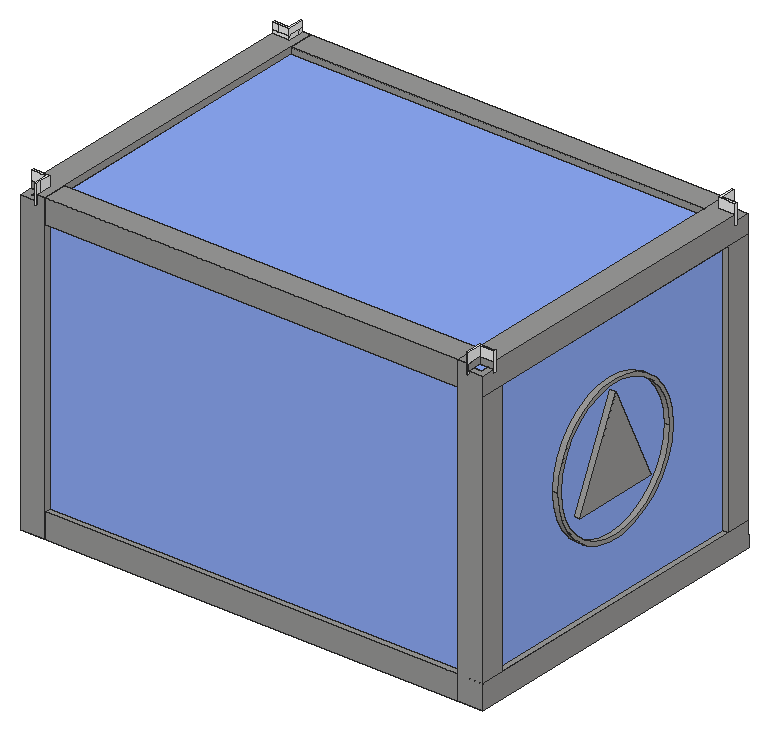
Revit family "2.1 Вентиляторы UTR V2.REZ", category Оборудование, Revit 2016
Family settings
  Тип детали = Нормальный
  Размер круглого соединителя = Использовать диаметр
  На основе рабочей плоскости = Нет
  Всегда вертикально = Да
  При загрузке вырезать с полостями = Нет
  Общий = Нет
  Точка расчета площади = Нет
Parameters (values of type "50-25/22")
  значок [instance] = yes
  высота = 250 mm
  размер В = 635 mm
  ширина = 500 mm
  Синий = Синий
  Д1 = Д - 20 mm  # 490 mm
  Д = 510 mm
  ножки(да/нет) [instance] = no
  Г = 395 mm
  Б1 = Б - 20 mm  # 450 mm
  А1 = А - 20 mm  # 690 mm
  А = 710 mm
  высота ножек = 50 mm
  Б = 470 mm
  Частотный преобразователь [instance] = yes
  Частота вращения n, об/мин = "2730"
  Тип, марка, обозначение = "UTR 50-25V2.REZ. 22-0,37x27(R)"
  Сила тока J, А = "1,66/0,96"
  Регулятор расхода [instance] = no
  Раздел = "ОВ"
  Примечание = ""
  Позиция = ""
  Напряжение U,В = "3х220/3х380"
  Наименование и тех.хар-ка = "Радиальный вентилятор с назад загнутыми лопатками и резервным электродвигателем выхлоп вверх"  # constant formula
  Мощность двигателя N,Вт = "370"
  Материал = RAL 0000 Серый металл
  Масса единицы = "51.5"
  Код, оборудования = ""
  Ключевая пометка = "Вентиляция"
  Задание электрикам [instance] = no
  Задание автоматчикам [instance] = no
  Завод изготовитель = "KORF"  # constant formula
  Единица измерения = "шт."  # constant formula
  h = высота ножек + 10 mm  # 60 mm
Types (23, lengths in mm): name | высота | размер В | ширина | Д1 | Д | Г | Б1 | А1 | А | Б | Частота вращения n, об/мин | Тип, марка, обозначение | Сила тока J, А | Напряжение U,В | Мощность двигателя N,Вт | Материал | Масса единицы
  50-25/22 | 250 | 635 | 500 | 490 | 510 | 395 | 450 | 690 | 710 | 470 | "2730" | "UTR 50-25V2.REZ. 22-0,37x27(R)" | "1,66/0,96" | "3х220/3х380" | "370" | RAL 0000 Серый металл | "51.5"
  50-25/25 | 250 | 635 | 500 | 490 | 510 | 395 | 450 | 690 | 710 | 470 | "2730" | "UTR 50-25V2.REZ. 25-0,55x27(R)" | "2,47/1,43" | "3х220/3х380" | "550" | Сталь серая | "54.5"
  50-30/25 | 300 | 635 | 500 | 490 | 510 | 445 | 500 | 690 | 710 | 520 | "2730" | "UTR 50-30V2.REZ. 25-0,55x27(R)" | "2,47/1,43" | "3х220/3х380" | "550" | Сталь серая | "56.5"
  50-30/28 | 300 | 635 | 500 | 690 | 710 | 445 | 500 | 690 | 710 | 520 | "2800" | "UTR 50-30V2.REZ. 28-1,1x28(R)" | "4,4/2,52" | "3х220/3х380" | "1100" | Сталь серая | "67.5"
  50-30/31 | 300 | 635 | 500 | 690 | 710 | 445 | 500 | 690 | 710 | 520 | "2800" | "UTR 50-30V2.REZ. 31-1,1x28(R)" | "4,4/2,52" | "3х220/3х380" | "1100" | Сталь серая | "67.5"
  60-30/28 | 300 | 735 | 600 | 690 | 710 | 445 | 500 | 790 | 810 | 520 | "2800" | "UTR 60-30V2.REZ. 28-1,1x28(R)" | "4,4/2,52" | "3х220/3х380" | "1100" | Сталь серая | "71"
  60-30/31 | 300 | 735 | 600 | 690 | 710 | 445 | 500 | 790 | 810 | 520 | "2800" | "UTR 60-30V2.REZ. 31-1,1x28(R)" | "4,4/2,52" | "3х220/3х380" | "1100" | Сталь серая | "71"
  60-35/31 | 350 | 735 | 600 | 590 | 610 | 495 | 550 | 790 | 810 | 570 | "2800" | "UTR 60-35V2.REZ. 31-1,1x28(R)" | "4,4/2,52" | "3х220/3х380" | "1100" | Сталь серая | "73"
  60-35/31-1,5 | 350 | 735 | 600 | 590 | 610 | 495 | 550 | 790 | 810 | 570 | "2880" | "UTR 60-35V2.REZ. 31-1,5x28(R)" | "5,6/3,3" | "3х220/3х380" | "1500" | Сталь серая | "81.5"
  60-35/35 | 350 | 735 | 600 | 590 | 610 | 495 | 550 | 790 | 810 | 570 | "2860" | "UTR 60-35V2.REZ. 35-2,2x28(R)" | "8,0/4,6" | "3х220/3х380" | "2200" | Сталь серая | "81"
  70-40/31 | 400 | 835 | 700 | 590 | 610 | 545 | 600 | 890 | 910 | 620 | "2800" | "UTR 70-40V2.REZ. 31-1,1x28(R)" | "4,4/2,52" | "3х220/3х380" | "1100" | Сталь серая | "79"
  70-40/31-2,2 | 400 | 835 | 700 | 690 | 710 | 545 | 600 | 890 | 910 | 620 | "2860" | "UTR 70-40V2.REZ. 31-2,2x28(R)" | "8,0/4,6" | "3х220/3х380" | "2200" | Сталь серая | "96"
  70-40/35 | 400 | 835 | 700 | 690 | 710 | 545 | 600 | 890 | 910 | 620 | "2860" | "UTR 70-40V2.REZ. 35-2,2x28(R)" | "8,0/4,6" | "3х220/3х380" | "2200" | Сталь серая | "96"
  80-50/35 | 500 | 935 | 800 | 690 | 710 | 645 | 700 | 990 | 1010 | 720 | "2860" | "UTR 80-50V2.REZ. 35-2,2x28(R)" | "8,0/4,6" | "3х220/3х380" | "2200" | Сталь серая | "105"
  80-50/35-3,0 | 500 | 935 | 800 | 690 | 710 | 645 | 700 | 990 | 1010 | 720 | "2860" | "UTR 80-50V2.REZ. 35-3,0x28(R)" | "10,5/6,0" | "3х220/3х380" | "3000" | Сталь серая | "113.5"
  80-50/40 | 500 | 935 | 800 | 820 | 840 | 645 | 700 | 990 | 1010 | 720 | "2850" | "UTR 80-50V2.REZ. 40-4,0x28(R)" | "8,0/4,6" | "3х380/3х660" | "4000" | Сталь серая | "139"
  90-50/35 | 500 | 1050 | 900 | 710 | 730 | 665 | 720 | 1105 | 1125 | 740 | "2860" | "UTR 90-50V2.REZ. 35-3,0x28(R)" | "10,5/6,0" | "3х220/3х380" | "3000" | Сталь серая | "121.5"
  90-50/40 | 500 | 1050 | 900 | 820 | 840 | 665 | 720 | 1105 | 1125 | 740 | "2850" | "UTR 90-50V2.REZ. 40-4,0x28(R)" | "8,0/4,6" | "3х380/3х660" | "4000" | Сталь серая | "144.5"
  90-50/45 | 500 | 1050 | 900 | 820 | 840 | 665 | 720 | 1105 | 1125 | 740 | "1410" | "UTR 90-50V2.REZ. 45-3,0x14(R)" | "11,6/6,7" | "3х220/3х380" | "3000" | Сталь серая | "142.5"
  100-50/40 | 500 | 1150 | 1000 | 820 | 840 | 665 | 720 | 1205 | 1225 | 740 | "2850" | "UTR 100-50М2.REZ. 40-4,0x28(R)" | "8,0/4,6" | "3х380/3х660" | "4000" | Сталь серая | "146.5"
  100-50/45 | 500 | 1150 | 1000 | 820 | 840 | 665 | 720 | 1205 | 1225 | 740 | "1410" | "UTR 100-50V2.REZ. 45-3,0x14(R)" | "11,6/6,7" | "3х220/3х380" | "3000" | Сталь серая | "150.5"
  100-50/45-4,0 | 500 | 1150 | 1000 | 820 | 840 | 665 | 720 | 1205 | 1225 | 740 | "1410" | "UTR 100-50V2.REZ. 45-4,0x14(R)" | "8,5/4,9" | "3х380/3х660" | "4000" | Сталь серая | "161"
  100-50/45-5,5 | 500 | 1150 | 1000 | 820 | 840 | 665 | 720 | 1205 | 1225 | 740 | "1430" | "UTR 100-50V2.REZ. 45-5,5x14(R)" | "11,0/6,5" | "3х380/3х660" | "5500" | Сталь серая | "183"
Reference planes
  plane 1 "По центру (Вперед/Назад)": y = 0
  plane 2: z = 0
  plane 3 "По центру (Влево/Вправо)": x = 0
  plane 4: x = -345
  plane 5: x = 345
  plane 6: y = 245
  plane 7: y = -245
  plane 8: z = 510
  plane 9: z = 60
  plane 10: z = 535
Forms (mm)
  Extrusion 1, solid, material "Синий" <- "Синий", detail levels fine
    sketch origin (0, 0, 50) x (1, 0, 0) y (0, 1, 0)
      loop
        line (-345, 245) -> (-345, -245) -> (345, -245) -> (345, 245) -> (-345, 245)
    from 10 to 460
  Sweep 2, solid, material "RAL 0000 Серый металл" <- "Материал", detail levels fine
    path origin (345, 245, 50) x (0, -1, 0) y (0, 0, -1)
      loop
        line (0, -460) -> (490, -460) -> (490, -10) -> (0, -10) -> (0, -460)
    profile "Профиль уголок 10х10 : Профиль уголок 10х10" origin (345, 0, 510) x (0, 0, -1) y (1, 0, 0)
      loop
        line (0, -27.5) -> (0, 0) -> (27.5, 0) -> (27.5, 10) -> (-10, 10) -> (-10, -27.5) -> (0, -27.5)
  Sweep 3, solid, material "RAL 0000 Серый металл" <- "Материал", detail levels fine
    path origin (-345, -245, 50) x (0, 1, 0) y (0, 0, -1)
      loop
        line (0, -460) -> (490, -460) -> (490, -10) -> (0, -10) -> (0, -460)
    profile "Профиль уголок 10х10 : Профиль уголок 10х10" origin (-345, 0, 510) x (0, 0, -1) y (-1, 0, 0)
      loop
        line (0, -27.5) -> (0, 0) -> (27.5, 0) -> (27.5, 10) -> (-10, 10) -> (-10, -27.5) -> (0, -27.5)
  Extrusion 4, void, not visible, detail levels fine
    sketch origin (145, 144.929, 50) x (0, 1, 0) y (0, 0, -1)
      loop
        line (88.035, -475) -> (138.984, -475) -> (138.984, -450) -> (88.035, -450) -> (88.035, -475)
    from -47.452 to 12
  Extrusion 5, void, detail levels fine
    sketch origin (-345, -144.965, 60) x (0, -1, 0) y (0, 0, -1)
      loop
        line (88.035, -475) -> (138.984, -475) -> (138.984, -450) -> (88.035, -450) -> (88.035, -475)
    from -47.452 to 12
  Sweep 6, solid, material "RAL 0000 Серый металл" <- "Материал", detail levels fine
    path origin (0, 0, 510) x (1, 0, 0) y (0, 1, 0)
      loop
        line (-345, -245) -> (345, -245) -> (345, 245) -> (-345, 245) -> (-345, -245)
    profile "Профиль уголок 10х10 : Профиль уголок 10х10" origin (0, -245, 510) x (0, 1, 0) y (0, 0, 1)
      loop
        line (0, -27.5) -> (0, 0) -> (27.5, 0) -> (27.5, 10) -> (-10, 10) -> (-10, -27.5) -> (0, -27.5)
  Sweep 7, solid, material "RAL 0000 Серый металл" <- "Материал", detail levels fine
    path origin (0, 0, 60) x (1, 0, 0) y (0, 1, 0)
      loop
        line (345, -245) -> (345, 245) -> (-345, 245) -> (-345, -245) -> (345, -245)
    profile "Профиль уголок 10х10 : Профиль уголок 10х10" origin (0, -245, 60) x (0, -1, 0) y (0, 0, 1)
      loop
        line (0, 27.5) -> (0, 0) -> (-27.5, 0) -> (-27.5, -10) -> (10, -10) -> (10, 27.5) -> (0, 27.5)
  Extrusion 8, void, detail levels fine
    sketch origin (-244.965, 245, 60) x (-1, 0, 0) y (0, 0, -1)
      loop
        line (88.035, -475) -> (138.984, -475) -> (138.984, -450) -> (88.035, -450) -> (88.035, -475)
    from -47.452 to 12
  Extrusion 9, void, detail levels fine
    sketch origin (345, 144.965, 60) x (0, 1, 0) y (0, 0, -1)
      loop
        line (88.035, -475) -> (138.984, -475) -> (138.984, -450) -> (88.035, -450) -> (88.035, -475)
    from -47.452 to 12
  Extrusion 10, void, detail levels fine
    sketch origin (244.965, -245, 60) x (1, 0, 0) y (0, 0, -1)
      loop
        line (88.035, -475) -> (138.984, -475) -> (138.984, -450) -> (88.035, -450) -> (88.035, -475)
    from -47.452 to 12
  Extrusion 11, solid, material "RAL 0000 Серый металл" <- "Материал", visible <- "значок", detail levels fine
    sketch origin (0, 0, 0) x (0, 1, 0) y (0, 0, 1)
      loop
        circle (0, 285) r 110
      loop
        circle (0, 285) r 105
      loop
        line (0, 377.5) -> (-67.619, 232.491) -> (67.619, 232.491) -> (0, 377.5)
    from 345 to 355
Cuts and joins
  Extrusion 5, Extrusion 8, Extrusion 9, Extrusion 10 cuts Extrusion 1
  Extrusion 5, Extrusion 8, Extrusion 9 cuts Sweep 3
  Extrusion 5, Extrusion 8, Extrusion 9, Extrusion 10 cuts Sweep 6
  Extrusion 9, Extrusion 10 cuts Sweep 2
Dimensions and locks
  equal spacing: plane 6, plane 1 "По центру (Вперед/Назад)", plane 7
  "Д1": plane 6 to plane 7
  equal spacing: plane 4, plane 3 "По центру (Влево/Вправо)", plane 5
  "А1": plane 4 to plane 5
  "h": plane 9 to level
  "Б1": plane 8 to plane 9
  locked: plane 10 to plane 8 at 25
  Sweep 7 to level = 50 mm
  aligned and locked: level to plane 2
  aligned and locked: plane 6 to Extrusion 1
  aligned and locked: plane 5 to Extrusion 1
  aligned and locked: Extrusion 1 to plane 7
  aligned and locked: Extrusion 1 to plane 4
  aligned and locked: plane 8 to Extrusion 1
  aligned and locked: Extrusion 1 to plane 9
  aligned and locked: Sweep 2 sketch curve to Extrusion 1  (x2)
  aligned and locked: Sweep 3 sketch curve to Extrusion 1  (x2)
  aligned and locked: nested 1 to Sweep 3  (x2)
  aligned and locked: nested 2 to Sweep 2
  aligned and locked: Sweep 2 to nested 2
  aligned and locked: nested 4 to Sweep 2  (x2)
  aligned and locked: Sweep 3 to nested 3
  aligned and locked: nested 3 to Sweep 3
  aligned and locked: Extrusion 5 to nested 6
  aligned and locked: nested 6 to Extrusion 5
  aligned and locked: nested 6 to plane 10
  aligned and locked: nested 6 to cut or joined group of Extrusion 5, Sweep 6, Extrusion 8, Extrusion 9, Extrusion 10  (x2)
  aligned and locked: Extrusion 8 to nested 7  (x2)
  aligned and locked: nested 7 to cut or joined group of Extrusion 5, Sweep 6, Extrusion 8, Extrusion 9, Extrusion 10  (x2)
  aligned and locked: plane 10 to Extrusion 8
  aligned and locked: Extrusion 9 to nested 8  (x2)
  aligned and locked: nested 8 to Sweep 2  (x2)
  aligned and locked: nested 8 to plane 10
  aligned and locked: Extrusion 10 to nested 9  (x2)
  aligned and locked: nested 9 to cut or joined group of Extrusion 5, Sweep 6, Extrusion 8, Extrusion 9, Extrusion 10  (x2)
  aligned and locked: nested 9 to plane 10
  aligned and locked: nested 10 to plane 5
  aligned and locked: plane 7 to nested 10
  aligned and locked: nested 11 to plane 4
  aligned and locked: nested 11 to plane 9
  aligned and locked: cut or joined group of Sweep 2, Extrusion 9, Extrusion 10 to Extrusion 11
Automatic sketch dimensions
  Extrusion 4 sketch curve to Extrusion 4 sketch curve = 50.949 mm
  Extrusion 4 sketch curve to Extrusion 4 sketch curve = 25 mm
  Extrusion 5 sketch curve to Extrusion 5 sketch curve = 50.949 mm
  Extrusion 5 sketch curve to Extrusion 5 sketch curve = 25 mm
  Extrusion 1 sketch curve to plane 4 = 0 mm
  Extrusion 1 sketch curve to plane 5 = 0 mm
  Extrusion 1 sketch curve to plane 7 = 0 mm
  Extrusion 1 sketch curve to plane 6 = 0 mm
  Sweep 2 sketch curve to Extrusion 1 = 0 mm  (x2)
  Sweep 3 sketch curve to Extrusion 1 = 0 mm  (x2)
  Sweep 6 sketch curve to Extrusion 1 = 0 mm  (x3)
  Extrusion 1 to Sweep 6 sketch curve = 0 mm
  Sweep 7 sketch curve to Extrusion 1 = 0 mm  (x3)
  Extrusion 1 to Sweep 7 sketch curve = 0 mm
  Extrusion 8 sketch curve to Extrusion 8 sketch curve = 50.949 mm
  Extrusion 8 sketch curve to Extrusion 8 sketch curve = 25 mm
  Extrusion 9 sketch curve to Extrusion 9 sketch curve = 50.949 mm
  Extrusion 9 sketch curve to Extrusion 9 sketch curve = 25 mm
  Extrusion 10 sketch curve to Extrusion 10 sketch curve = 50.949 mm
  Extrusion 10 sketch curve to Extrusion 10 sketch curve = 25 mm
  Extrusion 11 sketch curve to Extrusion 11 sketch curve = 0 mm  (x2)
  Extrusion 11 sketch curve to plane 1 "По центру (Вперед/Назад)" = 0 mm  (x2)
  Extrusion 11 sketch curve to plane 8 = 225 mm
  Extrusion 11 sketch curve to Extrusion 11 sketch curve = 92.5 mm
  plane 1 "По центру (Вперед/Назад)" to Extrusion 11 sketch curve = 67.619 mm
  Extrusion 11 sketch curve to plane 1 "По центру (Вперед/Назад)" = 67.619 mm
  Extrusion 11 sketch curve to Extrusion 11 sketch curve = 52.509 mm
  radius of Extrusion 11 sketch curve = 110 mm
  radius of Extrusion 11 sketch curve = 105 mm
Nested families
  nested 1: "Ножка 50мм" at (-358, 258, 0), visible <- "ножки(да/нет)", type "Ножка 50мм", detail levels fine
  nested 2: "Ножка 50мм" at (358, 258, 0) x (-1, 0, 0) z (0, 0, 1), visible <- "ножки(да/нет)", type "Ножка 50мм", detail levels fine
  nested 3: "Ножка 50мм" at (-358, -258, 0), visible <- "ножки(да/нет)", type "Ножка 50мм", detail levels fine
  nested 4: "Ножка 50мм" at (358, -258, 0) x (-1, 0, 0) z (0, 0, 1), visible <- "ножки(да/нет)", type "Ножка 50мм", detail levels fine
  nested 5: "крепление 15мм" at (-330, 229.965, 495), type "крепление 15мм", not visible, detail levels fine
  nested 6: "крепление 15мм" at (-330, -230, 505), type "крепление 15мм", detail levels fine
  nested 7: "крепление 15мм" at (-330, 230, 505) x (0, -1, 0) z (0, 0, 1), type "крепление 15мм", detail levels fine
  nested 8: "крепление 15мм" at (330, 230, 505) x (-1, 0, 0) z (0, 0, 1), type "крепление 15мм", detail levels fine
  nested 9: "крепление 15мм" at (330, -230, 505) x (0, 1, 0) z (0, 0, 1), type "крепление 15мм", detail levels fine
  nested 10: "УГО вентилятор(план)" at (0, 0, 510), длина <- "Д1", Ширина <- "А1", type "УГО вентилятор", detail levels coarse
    with длина 490 mm, Ширина 690 mm
  nested 11: "УГО вентилятор (разрез выброс вверх)" at (0, 0, 60), высота <- "Б1", длина <- "А1", type "УГО вентилятор (разрез выброс вверх)", detail levels medium
    with длина 690 mm, высота 450 mm, Ширина 0 mm
Connectors
  hvac at (0, 0, 520), driven by "высота", driven by "ширина"
    settings: on Sweep 6, index 1, duct flow 0.0 L/s, flow factor 0, pres drop 0.0 Pa, loss coef 0, conn angle 0.00°, conn width 500 mm, conn height 250 mm, conn diameter 609.6 mm, duct sys type 28, conn prof type 1, flow config 0, flow direction 0, loss method 0, conn ref index 2, conn util no, is conn primary yes, conn desc ""
  hvac at (0, 245, 285), driven by "высота", driven by "ширина"
    settings: on cut or joined group of Extrusion 1, Extrusion 5, Extrusion 8, Extrusion 9, Extrusion 10, index 2, duct flow 0.0 L/s, flow factor 0, pres drop 0.0 Pa, loss coef 0, conn angle 0.00°, conn width 500 mm, conn height 250 mm, conn diameter 609.6 mm, duct sys type 28, conn prof type 1, flow config 0, flow direction 0, loss method 0, conn ref index 1, conn util no, is conn primary no, conn desc ""
Definition of nested family "Ножка 50мм"
  Parameters (values of type "Ножка 50мм")
    Материал ножек = none
  Reference planes
    plane 1 "По центру (Вперед/Назад)": y = 0
    plane 2: z = 0
    plane 3 "По центру (Влево/Вправо)": x = 0
  Forms (mm)
    Extrusion 1, solid, material <- "Материал ножек"
      sketch origin (0, 0, 0) x (1, 0, 0) y (0, 1, 0)
        loop
          line (0, 0) -> (0, -28) -> (3, -28) -> (3, -3) -> (28, -3) -> (28, 0) -> (0, 0)
      from 0 to 70
    Extrusion 2, solid, material <- "Материал ножек"
      sketch origin (0, 0, 0) x (1, 0, 0) y (0, 1, 0)
        loop
          line (0, 0) -> (0, -28.035) -> (28.021, -28.035) -> (28.021, 0) -> (0, 0)
      from 0 to 3
  Cuts and joins
    joined: Extrusion 1, Extrusion 2
  Dimensions and locks
    Extrusion 1 sketch curve to Extrusion 1 sketch curve = 3 mm  (x2)
    Extrusion 1 sketch curve to Extrusion 1 sketch curve = 28 mm  (x2)
    aligned and locked: level to plane 2
Definition of nested family "крепление 15мм"
  Parameters (values of type "крепление 15мм")
    Материал крепления = none
  Reference planes
    plane 1 "По центру (Вперед/Назад)": y = 0
    plane 2: z = 0
    plane 3 "По центру (Влево/Вправо)": x = 0
  Forms (mm)
    Extrusion 1, solid, material <- "Материал крепления"
      sketch origin (0, 0, 0) x (1, 0, 0) y (0, 1, 0)
        loop
          line (-25, 0) -> (0, 0) -> (0, 18.31) -> (0, 25) -> (-3, 25) -> (-3, 3) -> (-25, 3) -> (-25, 0)
      from 0 to 30
    Extrusion 2, void
      sketch origin (0, 0, 0) x (1, 0, 0) y (0, 1, 0)
        loop
          line (-3, 3) -> (-3, 54.96) -> (-58, 54.96) -> (-58, 3) -> (-3, 3)
      from 0 to 15
  Cuts and joins
    Extrusion 2 cuts Extrusion 1
  Dimensions and locks
    Extrusion 1 sketch curve to Extrusion 1 sketch curve = 3 mm  (x2)
    Extrusion 1 sketch curve to Extrusion 1 sketch curve to plane 3 "По центру (Влево/Вправо)" = 25 mm, 0 mm
    Extrusion 1 sketch curve to Extrusion 1 sketch curve = 25 mm
    aligned and locked: level to plane 2
Definition of nested family "УГО вентилятор(план)"
  Parameters (values of type "УГО вентилятор")
    длина [instance] = 750 mm
    Ширина [instance] = 410 mm
    Частота вращения n, об/мин = ""
    Тип, марка, обозначение = ""
    Сила тока J, А = ""
    Раздел = "ВПИСАТЬ РАЗДЕЛ"
    Примечание = ""
    Позиция = ""
    Default Elevation = 1219.2 mm
    Напряжение U,В = ""
    Наименование и тех.хар-ка = ""
    Мощность двигателя N,Вт = ""
    Материал = none
    Масса единицы = ""
    Код, оборудования = ""
    Keynote = "ВПИСАТЬ СПЕЦИАЛЬНОСТЬ"
    Завод изготовитель = ""
    Единица измерения = ""
    Диаметр = 110 mm
  Reference planes
    plane 1 "По центру (Вперед/Назад)": y = 0
    plane 2: z = 0
    plane 3 "По центру (Влево/Вправо)": x = 0
    plane 4: y = 375
    plane 5: y = -375
    plane 6: x = -205
    plane 7: x = 205
  Lines and regions (mm)
    model lines
      curve 1: line (-205, 375, 0) -> (205, 375, 0)
      curve 2: line (-205, -375, 0) -> (-205, 375, 0)
      curve 3: line (205, -375, 0) -> (-205, -375, 0)
      curve 4: line (205, 375, 0) -> (205, -375, 0)
      curve 5: circle (0, 0, 0) r 110 normal (0, 0, 1)
      curve 6: line (0, -110, 0) -> (95.263, 55, 0)
      curve 7: line (-95.263, 55, 0) -> (95.263, 55, 0)
      curve 8: line (0, -110, 0) -> (-95.263, 55, 0)
  Dimensions and locks
    "Ширина": plane 6 to plane 7
    "длина": plane 4 to plane 5
    equal spacing: plane 5, plane 1 "По центру (Вперед/Назад)", plane 4
    equal spacing: plane 6, plane 3 "По центру (Влево/Вправо)", plane 7
    "Диаметр": radius of curve 5
    aligned and locked: level to plane 2
  Automatic sketch dimensions
    plane 5 to curve 3 = 0 mm
    curve 3 to plane 6 = 0 mm
    curve 8 to plane 3 "По центру (Влево/Вправо)" = 0 mm
    plane 1 "По центру (Вперед/Назад)" to curve 5 = 0 mm
    curve 5 to plane 3 "По центру (Влево/Вправо)" = 0 mm
    curve 1 to plane 4 = 0 mm
    curve 1 to plane 7 = 0 mm
    curve 8 to plane 1 "По центру (Вперед/Назад)" = 55 mm
Definition of nested family "УГО вентилятор (разрез выброс вверх)"
  Parameters (values of type "УГО вентилятор (разрез выброс вверх)")
    длина [instance] = 750 mm
    высота [instance] = 410 mm
    Ширина [instance] = 410 mm
    Частота вращения n, об/мин = ""
    Тип, марка, обозначение = ""
    Сила тока J, А = ""
    Раздел = ""
    Примечание = ""
    Позиция = ""
    Default Elevation = 1219.2 mm
    Напряжение U,В = ""
    Наименование и тех.хар-ка = ""
    Мощность двигателя N,Вт = ""
    Материал = none
    Масса единицы = ""
    Код, оборудования = ""
    Keynote = ""
    Завод изготовитель = ""
    Единица измерения = ""
    Диаметр = 110 mm
  Reference planes
    plane 1 "По центру (Вперед/Назад)": y = 0
    plane 2: z = 0
    plane 3 "По центру (Влево/Вправо)": x = 0
    plane 4: z = 410
    plane 5: x = 375
    plane 6: x = -375
    plane 7: z = 205
  Lines and regions (mm)
    model lines
      curve 1: circle (0, 0, 205) r 110 normal (0, -1, 0)
      curve 2: line (0, 0, 315) -> (-96.309, 0, 151.854)
      curve 3: line (0, 0, 315) -> (96.309, 0, 151.854)
      curve 4: line (-375, 0, 0) -> (375, 0, 0)
      curve 5: line (-375, 0, 410) -> (-375, 0, 0)
      curve 6: line (375, 0, 410) -> (-375, 0, 410)
      curve 7: line (375, 0, 0) -> (375, 0, 410)
      curve 8: line (-96.309, 0, 151.854) -> (96.309, 0, 151.854)
  Dimensions and locks
    equal spacing: plane 5, plane 3 "По центру (Влево/Вправо)", plane 6
    "длина": plane 5 to plane 6
    "высота": plane 4 to level
    equal spacing: plane 4, plane 7, plane 2
    radius of curve 1 = 110 mm
    aligned and locked: level to plane 2
  Automatic sketch dimensions
    curve 5 to plane 4 = 0 mm
    curve 5 to plane 6 = 0 mm
    curve 1 to plane 3 "По центру (Влево/Вправо)" = 0 mm
    curve 2 to plane 3 "По центру (Влево/Вправо)" = 0 mm
    curve 7 to plane 5 = 0 mm
    curve 4 to level = 0 mm
    curve 1 to plane 7 = 0 mm
    curve 2 to plane 7 = 53.146 mm
    curve 8 to curve 2 = 0 mm
    curve 3 to plane 7 = 53.146 mm
